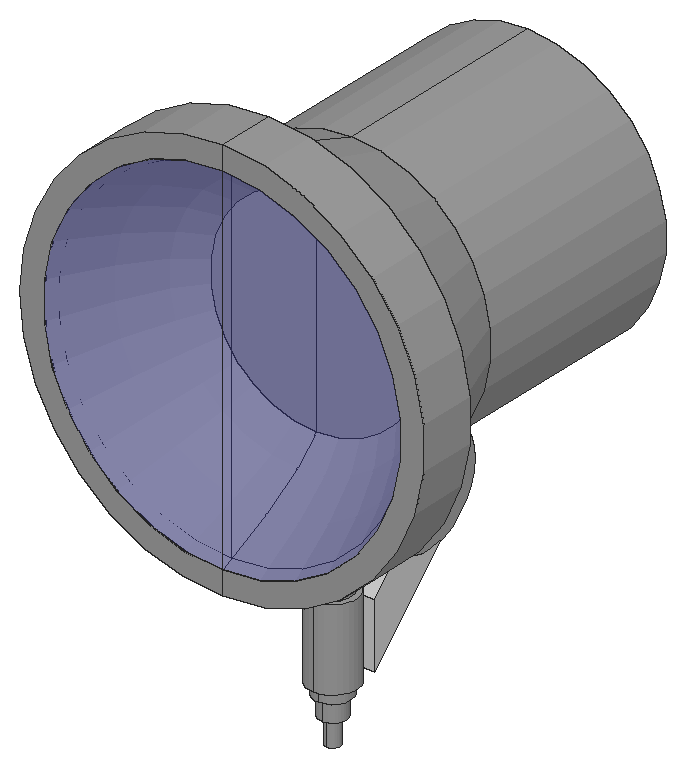
Revit family "77699_HOST_FACE", category Lighting Fixtures, host Face, Revit 2019
Family settings
  Host = Face
  Round Connector Dimension = Use Diameter
  Part Type = Normal
  Cut with Voids When Loaded = Yes
  Light Source = Yes
  Shared = No
  Room Calculation Point = No
Parameters (values of type "Small Scale Floodlight")
  Wattage = 5.91079 W
  built-in parameter 1150110 = 1 (stored number, unit not read)
  URL = "www.bega-us.com"
  built-in parameter 1114217 = 1 (stored number, unit not read)
  Tilt Angle = 90.00°
  built-in parameter 1150109 = 1 (stored number, unit not read)
  built-in parameter 1150134 = (empty or 0)
  Telephone = "805.684.0533"
  built-in parameter 1150113 = 1 (stored number, unit not read)
  Photometric Web File = "77699.ies"
  Model = ""
  Manufacturer = "BEGA-US"
  built-in parameter 1150105 = 69.869 (stored number, unit not read)
  Lumens = 878 lm
  built-in parameter 1150115 = 1 (stored number, unit not read)
  built-in parameter 1150137 = (empty or 0)
  built-in parameter 1150139 = (empty or 0)
  built-in parameter 1150112 = 1 (stored number, unit not read)
  built-in parameter 1150114 = 1 (stored number, unit not read)
  Lamp = "7.9W LED"
  built-in parameter 1150132 = 2
  built-in parameter 1150102 = (empty or 0)
  built-in parameter 1150107 = 3000 (stored number, unit not read)
  built-in parameter 1150138 = (empty or 0)
  built-in parameter 1150106 = 0.69869 (stored number, unit not read)
  built-in parameter 1150104 = 13.8 (stored number, unit not read)
  Dimming Lamp Color Temperature Shift = <None>
  Description = ""
  Default Elevation = 0' - 0"
  Color Filter = 16777215
  built-in parameter 1114218 = 1 (stored number, unit not read)
  built-in parameter 1150133 = 10 (stored number, unit not read)
Types (28): name | Wattage | Tilt Angle | built-in parameter 1150134 | Photometric Web File | Model | built-in parameter 1150105 | Lumens | Lamp | built-in parameter 1150107 | built-in parameter 1150106 | Description | Default Elevation
  (no name) | 5.91079 W | 90.00° | (empty or 0) | "77699.ies" | "" | 69.869 (stored number, unit not read) | 878 lm | "7.9W LED" | 3000 (stored number, unit not read) | 0.69869 (stored number, unit not read) | "" | 0' - 0"
  Wall Luminaires - Directed Light | 18.4392 W | 90.00° | (empty or 0) | "generic" | "2260LED" | 217.96 (stored number, unit not read) | 2739 lm | "44.6W LED" | 3000 (stored number, unit not read) | 2.1796 (stored number, unit not read) | "Surface wall with cutoff optics" | 6' - 0"
  Wall Luminaires - Linear | 9.92985 W | 90.00° | 9 | "generic" | "4425P" | 117.38 (stored number, unit not read) | 1475 lm | "(1) 39W CF twin-4-p" | 3450 (stored number, unit not read) | 1.1738 (stored number, unit not read) | "Suface wall - linear with white acrylic diffuser" | 6' - 0"
  Ceiling and Wall Luminaires - Unshielded | 2.66591 W | 0.00° | (empty or 0) | "33508.ies" | "33 508" | 31.513 (stored number, unit not read) | 396 lm | "W LED" | 3000 (stored number, unit not read) | 0.31513 (stored number, unit not read) | "LED ceiling and wall luminaires - impact resistant" | 0' - 0"
  Recessed Luminaires - Round | 2.66591 W | 0.00° | (empty or 0) | "33508.ies" | "33 508" | 31.513 (stored number, unit not read) | 396 lm | "W LED" | 3000 (stored number, unit not read) | 0.31513 (stored number, unit not read) | "LED ceiling and wall luminaires - impact resistant" | 0' - 0"
  Recessed Luminaires - Square | 0.0067321 W | 0.00° | (empty or 0) | "88754.IES" | "" | 0.079577 (stored number, unit not read) | 1 lm | "W LED" | 3000 (stored number, unit not read) | 0.00079577 (stored number, unit not read) | "" | 0' - 0"
  Recessed Luminaires - Retangular | 2.66591 W | 0.00° | (empty or 0) | "33508.ies" | "33 508" | 31.513 (stored number, unit not read) | 396 lm | "W LED" | 3000 (stored number, unit not read) | 0.31513 (stored number, unit not read) | "LED ceiling and wall luminaires - impact resistant" | 0' - 0"
  Recessed Luminaires - Elongated | 2.66591 W | 0.00° | (empty or 0) | "33508.ies" | "33 508" | 31.513 (stored number, unit not read) | 396 lm | "W LED" | 3000 (stored number, unit not read) | 0.31513 (stored number, unit not read) | "LED ceiling and wall luminaires - impact resistant" | 0' - 0"
  Recessed Ceiling Luminaires - Downlights | 2.66591 W | 0.00° | (empty or 0) | "33508.ies" | "33 508" | 31.513 (stored number, unit not read) | 396 lm | "W LED" | 3000 (stored number, unit not read) | 0.31513 (stored number, unit not read) | "LED ceiling and wall luminaires - impact resistant" | 0' - 0"
  Recessed Ceiling Luminaires - Asymmetric | 2.66591 W | 0.00° | (empty or 0) | "33508.ies" | "33 508" | 31.513 (stored number, unit not read) | 396 lm | "W LED" | 3000 (stored number, unit not read) | 0.31513 (stored number, unit not read) | "LED ceiling and wall luminaires - impact resistant" | 0' - 0"
  Pendant and Cable Suspended Luminaires - Shielded | 2.66591 W | 0.00° | (empty or 0) | "33508.ies" | "33 508" | 31.513 (stored number, unit not read) | 396 lm | "W LED" | 3000 (stored number, unit not read) | 0.31513 (stored number, unit not read) | "LED ceiling and wall luminaires - impact resistant" | 0' - 0"
  Pendant and Cable Suspended Luminaires - Directed | 2.66591 W | 0.00° | (empty or 0) | "33508.ies" | "33 508" | 31.513 (stored number, unit not read) | 396 lm | "W LED" | 3000 (stored number, unit not read) | 0.31513 (stored number, unit not read) | "LED ceiling and wall luminaires - impact resistant" | 0' - 0"
  Ceiling Luminaires - Downlights | 2.66591 W | 0.00° | (empty or 0) | "33508.ies" | "33 508" | 31.513 (stored number, unit not read) | 396 lm | "W LED" | 3000 (stored number, unit not read) | 0.31513 (stored number, unit not read) | "LED ceiling and wall luminaires - impact resistant" | 0' - 0"
  Ceiling Luminaires - Asymmetric | 2.66591 W | 0.00° | (empty or 0) | "33508.ies" | "33 508" | 31.513 (stored number, unit not read) | 396 lm | "W LED" | 3000 (stored number, unit not read) | 0.31513 (stored number, unit not read) | "LED ceiling and wall luminaires - impact resistant" | 0' - 0"
  Ceiling and Wall Luminaires - Stainless Steel | 2.66591 W | 0.00° | (empty or 0) | "33508.ies" | "33 508" | 31.513 (stored number, unit not read) | 396 lm | "W LED" | 3000 (stored number, unit not read) | 0.31513 (stored number, unit not read) | "LED ceiling and wall luminaires - impact resistant" | 0' - 0"
  Wall Luminaires - Stainless Steel | 2.66591 W | 0.00° | (empty or 0) | "33508.ies" | "33 508" | 31.513 (stored number, unit not read) | 396 lm | "W LED" | 3000 (stored number, unit not read) | 0.31513 (stored number, unit not read) | "LED ceiling and wall luminaires - impact resistant" | 0' - 0"
  Wall Luminaires - Unshielded Light | 2.66591 W | 0.00° | (empty or 0) | "33508.ies" | "33 508" | 31.513 (stored number, unit not read) | 396 lm | "W LED" | 3000 (stored number, unit not read) | 0.31513 (stored number, unit not read) | "LED ceiling and wall luminaires - impact resistant" | 0' - 0"
  Wall Luminaires - Shielded Light | 2.66591 W | 0.00° | (empty or 0) | "33508.ies" | "33 508" | 31.513 (stored number, unit not read) | 396 lm | "W LED" | 3000 (stored number, unit not read) | 0.31513 (stored number, unit not read) | "LED ceiling and wall luminaires - impact resistant" | 0' - 0"
  On-Ground Luminaires | 2.66591 W | 0.00° | (empty or 0) | "33508.ies" | "33 508" | 31.513 (stored number, unit not read) | 396 lm | "W LED" | 3000 (stored number, unit not read) | 0.31513 (stored number, unit not read) | "LED ceiling and wall luminaires - impact resistant" | 0' - 0"
  Light Design Elements | 2.66591 W | 0.00° | (empty or 0) | "33508.ies" | "33 508" | 31.513 (stored number, unit not read) | 396 lm | "W LED" | 3000 (stored number, unit not read) | 0.31513 (stored number, unit not read) | "LED ceiling and wall luminaires - impact resistant" | 0' - 0"
  LED System Bollard | 2.66591 W | 0.00° | (empty or 0) | "33508.ies" | "33 508" | 31.513 (stored number, unit not read) | 396 lm | "W LED" | 3000 (stored number, unit not read) | 0.31513 (stored number, unit not read) | "LED ceiling and wall luminaires - impact resistant" | 0' - 0"
  Bollards | 2.66591 W | 0.00° | (empty or 0) | "33508.ies" | "33 508" | 31.513 (stored number, unit not read) | 396 lm | "W LED" | 3000 (stored number, unit not read) | 0.31513 (stored number, unit not read) | "LED ceiling and wall luminaires - impact resistant" | 0' - 0"
  Bollards - Stainless Steel | 2.66591 W | 0.00° | (empty or 0) | "33508.ies" | "33 508" | 31.513 (stored number, unit not read) | 396 lm | "W LED" | 3000 (stored number, unit not read) | 0.31513 (stored number, unit not read) | "LED ceiling and wall luminaires - impact resistant" | 0' - 0"
  Light Building Elements | 2.66591 W | 0.00° | (empty or 0) | "33508.ies" | "33 508" | 31.513 (stored number, unit not read) | 396 lm | "W LED" | 3000 (stored number, unit not read) | 0.31513 (stored number, unit not read) | "LED ceiling and wall luminaires - impact resistant" | 0' - 0"
  Pole-top Luminaires - with asymmetrical light distribution | 2.66591 W | 0.00° | (empty or 0) | "33508.ies" | "33 508" | 31.513 (stored number, unit not read) | 396 lm | "W LED" | 3000 (stored number, unit not read) | 0.31513 (stored number, unit not read) | "LED ceiling and wall luminaires - impact resistant" | 0' - 0"
  Pole-top Luminaires - with symmetrical light distribution | 2.66591 W | 0.00° | (empty or 0) | "33508.ies" | "33 508" | 31.513 (stored number, unit not read) | 396 lm | "W LED" | 3000 (stored number, unit not read) | 0.31513 (stored number, unit not read) | "LED ceiling and wall luminaires - impact resistant" | 0' - 0"
  Pole-top Luminaires - with indirect light | 2.66591 W | 0.00° | (empty or 0) | "88754.IES" | "33 508" | 31.513 (stored number, unit not read) | 396 lm | "W LED" | 3000 (stored number, unit not read) | 0.31513 (stored number, unit not read) | "LED ceiling and wall luminaires - impact resistant" | 0' - 0"
  Small Scale Floodlight | 5.91079 W | 90.00° | (empty or 0) | "77699.ies" | "" | 69.869 (stored number, unit not read) | 878 lm | "7.9W LED" | 3000 (stored number, unit not read) | 0.69869 (stored number, unit not read) | "" | 0' - 0"
Reference planes (in)
  plane 1 "Center (Front/Back)": y = 0
  plane 2: z = 0
  plane 3 "Center (Left/Right)": x = 0
Dimensions and locks (in)
  aligned and locked: plane 2 to host face
  aligned and locked: level to host face
Nested families (in)
  nested 1: "77699" at (0, -0.70851, 0) x (-1, 0, 0) z (0, 0, 1), type "77699"
Connectors (in)
  electrical at (0, 0, 0)
    settings: on host face, index 1, voltage 0 V, apparent load 0 VA, apparent load phase1 0 VA, apparent load phase2 0 VA, apparent load phase3 0 VA, power factor 1, load classification "Other", number of poles 1, system type 31, power factor state 1, is connector primary yes, connector utility no, sub classification motor no, connector description ""
Definition of nested family "77699"
  Reference planes (in)
    plane 1 "Center (Front/Back)": y = 0
    plane 2: z = 0
    plane 3 "Center (Left/Right)": x = 0
  Forms (in)
    Revolve 1, solid
      sketch origin (0, 0, -0.9809) x (0, 1, 0) y (0, 0, 1)
        loop
          line (0, 6.75) -> (-2.375, 6.75)
          spline (-2.375, 6.75) -> (-2.38834, 6.59376) -> (-2.40052, 6.44319) -> (-2.41153, 6.29831) -> (-2.42139, 6.15911) -> (-2.43009, 6.02559) -> (-2.43763, 5.89775) -> (-2.44401, 5.77559) -> (-2.44923, 5.65911) -> (-2.45329, 5.54831) -> (-2.45619, 5.44319) -> (-2.45793, 5.34376) -> (-2.45851, 5.25)
          line (-2.45851, 5.25) -> (0.47766, 5.25) -> (0.47766, 6.40488)
          spline (0.47766, 6.40488) -> (0.52342, 6.46305) -> (0.58013, 6.52249) -> (0.6478, 6.58322) -> (0.72643, 6.64523) -> (0.81602, 6.70852) -> (0.91657, 6.7731) -> (1.02808, 6.83896) -> (1.15055, 6.9061) -> (1.28397, 6.97452) -> (1.42836, 7.04423) -> (1.5837, 7.11522) -> (1.75, 7.1875)
          line (1.75, 7.1875) -> (1.75, 7.4375) -> (1.125, 7.4375) -> (1.125, 7.15947) -> (0, 6.75)
        axis (-2.45851, 5.25) -> (1.75, 5.25)
      angle from 0 to 360
    Extrusion 2, solid
      sketch origin (0, 0.39827, 0.15488) x (0, 1, 0) y (0, 0, 1)
        loop
          circle (-1.11961, 1.99871) r 0.625
      from -0.25 to 0.25
    Extrusion 3, solid
      sketch origin (0, 0, 0) x (0, 1, 0) y (0, 0, 1)
        loop
          arc (-0.31404, 1.67953) -> (-0.58231, 1.54425) -> (-0.88272, 1.54978) r 0.625
          line (-0.88272, 1.54978) -> (0, 0.66706) -> (0, 1.36549) -> (-0.31404, 1.67953)
      from -0.25 to 0.25
    Revolve 4, solid
      sketch origin (0, 0, 0) x (0, 1, 0) y (0, 0, 1)
        loop
          line (0.25691, 1.6109) -> (0.1143, 1.6109) -> (0.1143, 1.54875) -> (0.06288, 1.54875) -> (0.06288, 1.48661) -> (0, 1.48661) -> (0, 0.61032) -> (0.06288, 0.61032) -> (0.06288, 0.48602) -> (0.1143, 0.48602) -> (0.1143, 0.27472) -> (0.17785, 0.27472) -> (0.17785, 0) -> (0.25691, 0) -> (0.25691, 1.6109)
        axis (0.25691, 1.6109) -> (0.25691, 0)
      angle from 0 to 360
    Revolve 5, solid
      sketch origin (0, 0, 0) x (0, 1, 0) y (0, 0, 1)
        loop
          line (1.75, 6.2066) -> (1.625, 6.14869) -> (1.625, 4.2691) -> (1.75, 4.2691) -> (1.75, 6.2066)
        axis (1.75, 4.2691) -> (1.625, 4.2691)
      angle from 0 to 360
  Dimensions and locks (in)
    aligned and locked: plane 2 to level
